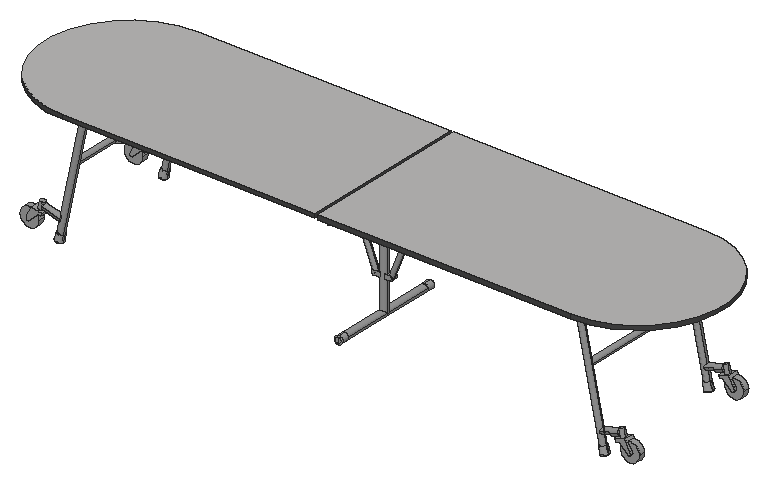
Revit family "23M El. 12 Long x 27 High", category Furniture, Revit 2016
Family settings
  OmniClass Number = 23.40.20.00
  OmniClass Title = General Furniture and Specialties
  Work Plane-Based = No
  Always vertical = Yes
  Cut with Voids When Loaded = No
  Shared = No
  Room Calculation Point = No
Parameters (values of type "23M15273612EL")
  Width = 3' - 0"
  Top [instance] = Palmer Hamilton Lt Gry
  Open [instance] = yes
  Model = "23M15273612EL"
  Length = 6' - 0"
  Frame [instance] = Palmer Hamilton - Frame
  Edge [instance] = Palmer Hamilton - Edge
  Closed [instance] = not(Open)  # no
Reference planes (in)
  plane 1 "Center Front/Back": y = 0
  plane 2: z = 0
  plane 3 "Center Left/Right": x = 0
  plane 4: x = -63.24988
Forms (in)
  Extrusion 1, solid, visible <- "Open"
    sketch origin (0, 0, 0) x (1, 0, 0) y (0, 1, 0)
      loop
        arc (-54, 18) -> (-72, 0) -> (-54, -18) r 18
        line (-54, -18) -> (-0.375, -18) -> (-0.375, 18) -> (-54, 18)
    from 26.41783 to 27.23283
  Extrusion 2, solid, material "Palmer Hamilton - Frame" <- "Frame", visible <- "Open"
    sketch origin (0, 0, 0) x (1, 0, 0) y (0, 1, 0)
      loop
        line (-1, 14.5647) -> (-56.00047, 14.5647) -> (-56.00047, 14.4397) -> (-1, 14.4397) -> (-1, 14.5647)
      loop
        line (-1, -14.5647) -> (-1, -14.4397) -> (-56.00047, -14.4397) -> (-56.00047, -14.5647) -> (-1, -14.5647)
      loop
        line (-1, -2.9406) -> (-1, -2.8156) -> (-11.25, -2.8156) -> (-11.25, -2.9406) -> (-1, -2.9406)
      loop
        line (-11.25, 2.6994) -> (-11.25, 2.5744) -> (-1, 2.5744) -> (-1, 2.6994) -> (-11.25, 2.6994)
    from 24.66783 to 26.41783
  Extrusion 3, solid, material "Palmer Hamilton - Frame" <- "Frame", visible <- "Open"
    sketch origin (0, 0, 0) x (1, 0, 0) y (0, 0, 1)
      loop
        line (-1, 25.71687) -> (-1, 26.41783) -> (-2.2141, 26.41783) -> (-2.2141, 24.66783) -> (-1.68301, 24.66783) -> (-0.3125, 23.87657)
        arc (-0.3125, 23.87657) -> (0.54127, 24.10533) -> (0.3125, 24.9591) r 0.625
        line (0.3125, 24.9591) -> (-1, 25.71687)
    from 14.5647 to 14.6547
  Extrusion 4, solid, material "Palmer Hamilton - Frame" <- "Frame", visible <- "Open"
    sketch origin (0, 0, 0) x (1, 0, 0) y (0, 0, 1)
      loop
        line (-1, 25.71687) -> (-1, 26.41783) -> (-2.2141, 26.41783) -> (-2.2141, 24.66783) -> (-1.68301, 24.66783) -> (-0.3125, 23.87657)
        arc (-0.3125, 23.87657) -> (0.54127, 24.10533) -> (0.3125, 24.9591) r 0.625
        line (0.3125, 24.9591) -> (-1, 25.71687)
    from -14.4397 to -14.2345
  Extrusion 5, solid, material "Palmer Hamilton - Frame" <- "Frame", visible <- "Open"
    sketch origin (-21.06705, -1.84334, -7.25839) x (0.97817, 0, -0.207805) y (0, 1, 0)
      loop
        circle (-37.61218, -11.99504) r 0.625
    from 0 to 25.54283
  Extrusion 6, solid, material "Palmer Hamilton - Frame" <- "Frame", visible <- "Open"
    sketch origin (-26.2457, -1.84334, -7.59113) x (0.96853, 0, -0.248899) y (0, 1, 0)
      loop
        circle (-37.61218, -11.99504) r 0.5
    from 3.24005 to 4.80312
  Extrusion 7, solid, material "Palmer Hamilton - Frame" <- "Frame", visible <- "Open"
    sketch origin (-18.79097, -1.84334, -8.39066) x (0, 1, 0) y (0.248899, 0, 0.96853)
      loop
        circle (-11.99504, 2.93123) r 0.625
    from -44.60154 to -40.56576
  Extrusion 8, solid, material "Palmer Hamilton - Steel", visible <- "Open"
    sketch origin (-12.05025, 0, 0) x (1, 0, 0) y (0, 0, 1)
      loop
        line (-52.03289, 3.19045) -> (-52.13109, 2.60323)
        arc (-52.13109, 2.60323) -> (-52.09644, 2.45601) -> (-51.96719, 2.37748) r 0.19565
        line (-51.96719, 2.37748) -> (-51.66391, 2.3319) -> (-49.7575, 4.11073) -> (-49.03037, 4.04579) -> (-48.86921, 4.64752) -> (-50.88816, 5.18826) -> (-52.03289, 3.19045)
    from 12.75797 to 14.81873
  Extrusion 9, solid, material "Palmer Hamilton - Caster", visible <- "Open"
    sketch origin (-12.05025, 0, 0) x (1, 0, 0) y (0, 0, 1)
      loop
        circle (-51.73769, 2.82768) r 2
    from 13.19373 to 14.44373
  Revolve 10, solid, material "Palmer Hamilton - Caster", visible <- "Open"
    sketch origin (-12.05025, -13.81873, 0) x (1, 0, 0) y (0, 0, 1)
      loop
        line (-45.5482, 1.78014) -> (-46.23778, 1.92672) -> (-46.75081, 0.51718)
        arc (-46.75081, 0.51718) -> (-46.74816, 0.39542) -> (-46.66395, 0.30744) r 0.16803
        line (-46.66395, 0.30744) -> (-45.89593, 0.14419) -> (-45.5482, 1.78014)
      axis (-45.5482, 1.78014) -> (-45.89593, 0.14419)
    angle from 0 to 360
  Extrusion 11, solid, material "Palmer Hamilton - Frame" <- "Frame", visible <- "Open"
    sketch origin (-21.06705, 1.84334, -7.25839) x (0.97817, 0, -0.207805) y (0, 1, 0)
      loop
        circle (-37.61218, 11.99504) r 0.625
    from 0 to 25.54283
  Extrusion 12, solid, material "Palmer Hamilton - Frame" <- "Frame", visible <- "Open"
    sketch origin (-26.2457, 1.84334, -7.59113) x (0.96853, 0, -0.248899) y (0, 1, 0)
      loop
        circle (-37.61218, 11.99504) r 0.5
    from 3.24005 to 4.80312
  Extrusion 13, solid, material "Palmer Hamilton - Frame" <- "Frame", visible <- "Open"
    sketch origin (-18.79097, 1.84334, -8.39066) x (0, -1, 0) y (-0.248899, 0, -0.96853)
      loop
        circle (-11.99504, -2.93123) r 0.625
    from -44.60154 to -40.56576
  Extrusion 14, solid, material "Palmer Hamilton - Steel", visible <- "Open"
    sketch origin (-12.05025, 0, 0) x (1, 0, 0) y (0, 0, -1)
      loop
        line (-52.03289, -3.19045) -> (-50.88816, -5.18826) -> (-48.86921, -4.64752) -> (-49.03037, -4.04579) -> (-49.7575, -4.11073) -> (-51.66391, -2.3319) -> (-51.96719, -2.37748)
        arc (-51.96719, -2.37748) -> (-52.09644, -2.45601) -> (-52.13109, -2.60323) r 0.19565
        line (-52.13109, -2.60323) -> (-52.03289, -3.19045)
    from 12.75797 to 14.81873
  Extrusion 15, solid, material "Palmer Hamilton - Caster", visible <- "Open"
    sketch origin (-12.05025, 0, 0) x (1, 0, 0) y (0, 0, -1)
      loop
        circle (-51.73769, -2.82768) r 2
    from 13.19373 to 14.44373
  Revolve 16, solid, material "Palmer Hamilton - Caster", visible <- "Open"
    sketch origin (-12.05025, 13.81873, 0) x (1, 0, 0) y (0, 0, -1)
      loop
        line (-45.5482, -1.78014) -> (-45.89593, -0.14419) -> (-46.66395, -0.30744)
        arc (-46.66395, -0.30744) -> (-46.74816, -0.39542) -> (-46.75081, -0.51718) r 0.16803
        line (-46.75081, -0.51718) -> (-46.23778, -1.92672) -> (-45.5482, -1.78014)
      axis (-45.5482, -1.78014) -> (-45.89593, -0.14419)
    angle from 0 to 360
  Extrusion 17, solid, material "Palmer Hamilton - Frame" <- "Frame", visible <- "Open"
    sketch origin (-12.05025, 0, 0) x (1, 0, 0) y (0, 0, 1)
      loop
        circle (-42.48052, 16.22033) r 0.625
    from -13.80887 to 13.79175
  Extrusion 18, solid, material "Palmer Hamilton - Frame" <- "Frame", visible <- "Open"
    sketch origin (0, 0, -0.05827) x (1, 0, 0) y (0, 0, 1)
      loop
        circle (0, 0.81533) r 0.75
    from -10.64625 to 10.58375
  Revolve 19, solid, material "Palmer Hamilton - Caster", visible <- "Open"
    sketch origin (0, 0, 0) x (0, 1, 0) y (0, 0, 1)
      loop
        arc (-12.1243, 1.60492) -> (-12.21555, 1.56995) -> (-12.25375, 1.48) r 0.125
        line (-12.25375, 1.48) -> (-12.25375, 0.77853) -> (-10.58375, 0.77853) -> (-10.58375, 1.55) -> (-12.1243, 1.60492)
      axis (-10.58375, 0.77853) -> (-12.25375, 0.77853)
    angle from 0 to 360
  Revolve 20, solid, material "Palmer Hamilton - Caster", visible <- "Open"
    sketch origin (0, 0, 0) x (0, -1, 0) y (0, 0, 1)
      loop
        arc (-12.1243, 1.60492) -> (-12.21555, 1.56995) -> (-12.25375, 1.48) r 0.125
        line (-12.25375, 1.48) -> (-12.25375, 0.77853) -> (-10.58375, 0.77853) -> (-10.58375, 1.55) -> (-12.1243, 1.60492)
      axis (-10.58375, 0.77853) -> (-12.25375, 0.77853)
    angle from 0 to 360
  Extrusion 21, solid, material "Palmer Hamilton - Frame" <- "Frame", visible <- "Open"
    sketch origin (0, 0, 0) x (1, 0, 0) y (0, 1, 0)
      loop
        circle (0, 0) r 0.75
    from 0.78805 to 24.66783
  Extrusion 22, solid, material "Palmer Hamilton - Frame" <- "Frame", visible <- "Open"
    sketch origin (8.36945, 0, 4.71942) x (0.931065, 0, 0.364854) y (0, 1, 0)
      loop
        circle (-8.10904, 0) r 0.5
    from 6.40638 to 25.54283
  Extrusion 23, solid, material "Palmer Hamilton - Frame" <- "Frame", visible <- "Open"
    sketch origin (0, 0, 0) x (1, 0, 0) y (0, 0, 1)
      loop
        arc (-1.632, 8.5165) -> (-2.132, 8.0165) -> (-1.632, 7.5165) r 0.5
        line (-1.632, 7.5165) -> (1.632, 7.5165)
        arc (1.632, 7.5165) -> (2.132, 8.0165) -> (1.632, 8.5165) r 0.5
        line (1.632, 8.5165) -> (-1.632, 8.5165)
    from -0.69625 to 0.63375
  Extrusion 24, solid, material "Palmer Hamilton - Frame" <- "Frame", visible <- "Open"
    sketch origin (-12.05025, 0, 0) x (1, 0, 0) y (0, 0, 1)
      loop
        arc (-40.07379, 16.44822) -> (-39.75284, 17.07829) -> (-40.38291, 17.39924) r 0.5
        line (-40.38291, 17.39924) -> (-42.23788, 16.7963) -> (-41.9787, 15.82905) -> (-40.07379, 16.44822)
    from 2.89343 to 4.17468
  Sweep 25, solid, material "Palmer Hamilton - Frame" <- "Frame", visible <- "Open"
    path origin (0, -3.5, 0) x (1, 0, 0) y (0, 0, 1)
      loop
        line (-52.73109, 16.80561) -> (-30.21129, 22.58672)
        arc (-30.21129, 22.58672) -> (-29.96811, 22.63851) -> (-29.72147, 22.66999) r 3
        line (-29.72147, 22.66999) -> (-1.56621, 25.08257)
    profile origin (-41.47119, -3.5, 19.69617) x (-0.24865, 0, 0.968593) y (0, -1, 0)
      loop
        circle (0.00202, 0) r 0.5
  Extrusion 26, solid, visible <- "Closed"
    sketch origin (23.74016, 0, 72.04902) x (0.235142, 0, 0.971961) y (0, 1, 0)
      loop
        arc (-57.85714, 18) -> (-75.85714, 0) -> (-57.85714, -18) r 18
        line (-57.85714, -18) -> (1.76786, -18) -> (1.76786, 18) -> (-57.85714, 18)
    from 26.41783 to 27.23283
  Extrusion 27, solid, material "Palmer Hamilton - Frame" <- "Frame", visible <- "Closed"
    sketch origin (23.74016, 0, 72.04902) x (0.235142, 0, 0.971961) y (0, 1, 0)
      loop
        line (-1, 14.5647) -> (-56.00047, 14.5647) -> (-56.00047, 14.4397) -> (-1, 14.4397) -> (-1, 14.5647)
      loop
        line (-1, -14.5647) -> (-1, -14.4397) -> (-56.00047, -14.4397) -> (-56.00047, -14.5647) -> (-1, -14.5647)
      loop
        line (-1, -2.9406) -> (-1, -2.8156) -> (-11.25, -2.8156) -> (-11.25, -2.9406) -> (-1, -2.9406)
      loop
        line (-11.25, 2.6994) -> (-11.25, 2.5744) -> (-1, 2.5744) -> (-1, 2.6994) -> (-11.25, 2.6994)
    from 24.66783 to 26.41783
  Extrusion 28, solid, material "Palmer Hamilton - Frame" <- "Frame", visible <- "Closed"
    sketch origin (23.74016, 0, 72.04902) x (0.235142, 0, 0.971961) y (-0.971961, 0, 0.235142)
      loop
        line (-1, 25.71687) -> (-1, 26.41783) -> (-2.2141, 26.41783) -> (-2.2141, 24.66783) -> (-1.68301, 24.66783) -> (-0.3125, 23.87657)
        arc (-0.3125, 23.87657) -> (0.54127, 24.10533) -> (0.3125, 24.9591) r 0.625
        line (0.3125, 24.9591) -> (-1, 25.71687)
    from 14.5647 to 14.6547
  Extrusion 29, solid, material "Palmer Hamilton - Frame" <- "Frame", visible <- "Closed"
    sketch origin (23.74016, 0, 72.04902) x (0.235142, 0, 0.971961) y (-0.971961, 0, 0.235142)
      loop
        line (-1, 25.71687) -> (-1, 26.41783) -> (-2.2141, 26.41783) -> (-2.2141, 24.66783) -> (-1.68301, 24.66783) -> (-0.3125, 23.87657)
        arc (-0.3125, 23.87657) -> (0.54127, 24.10533) -> (0.3125, 24.9591) r 0.625
        line (0.3125, 24.9591) -> (-1, 25.71687)
    from -14.4397 to -14.2345
  Extrusion 30, solid, material "Palmer Hamilton - Frame" <- "Frame", visible <- "Closed"
    sketch origin (0, 0, 41.83663) x (1, 0, 0) y (0, 0, 1)
      loop
        circle (0, 0.81533) r 0.75
    from -10.64625 to 10.58375
  Revolve 31, solid, material "Palmer Hamilton - Caster", visible <- "Closed"
    sketch origin (0, 0, 41.8949) x (0, 1, 0) y (0, 0, 1)
      loop
        arc (-12.1243, 1.60492) -> (-12.21555, 1.56995) -> (-12.25375, 1.48) r 0.125
        line (-12.25375, 1.48) -> (-12.25375, 0.77853) -> (-10.58375, 0.77853) -> (-10.58375, 1.55) -> (-12.1243, 1.60492)
      axis (-10.58375, 0.77853) -> (-12.25375, 0.77853)
    angle from 0 to 360
  Revolve 32, solid, material "Palmer Hamilton - Caster", visible <- "Closed"
    sketch origin (0, 0, 41.8949) x (0, -1, 0) y (0, 0, 1)
      loop
        arc (-12.1243, 1.60492) -> (-12.21555, 1.56995) -> (-12.25375, 1.48) r 0.125
        line (-12.25375, 1.48) -> (-12.25375, 0.77853) -> (-10.58375, 0.77853) -> (-10.58375, 1.55) -> (-12.1243, 1.60492)
      axis (-10.58375, 0.77853) -> (-12.25375, 0.77853)
    angle from 0 to 360
  Extrusion 33, solid, material "Palmer Hamilton - Frame" <- "Frame", visible <- "Closed"
    sketch origin (7.07414, 0, 44.01741) x (0.995262, 0, 0.097226) y (0, 1, 0)
      loop
        circle (-8.10904, 0) r 0.5
    from 6.40638 to 25.54283
  Extrusion 34, solid, material "Palmer Hamilton - Frame" <- "Frame", visible <- "Closed"
    sketch origin (0, 0, 41.8949) x (1, 0, 0) y (0, 0, 1)
      loop
        arc (-1.632, 8.5165) -> (-2.132, 8.0165) -> (-1.632, 7.5165) r 0.5
        line (-1.632, 7.5165) -> (1.632, 7.5165)
        arc (1.632, 7.5165) -> (2.132, 8.0165) -> (1.632, 8.5165) r 0.5
        line (1.632, 8.5165) -> (-1.632, 8.5165)
    from -0.69625 to 0.63375
  Extrusion 35, solid, material "Palmer Hamilton - Frame" <- "Frame", visible <- "Closed"
    sketch origin (0, 0, 0) x (-1, 0, 0) y (0, -1, 0)
      loop
        circle (0, 0) r 0.75
    from 42.76744 to 78.06315
  Extrusion 36, solid, material "Palmer Hamilton - Frame" <- "Frame", visible <- "Closed"
    sketch origin (26.38289, -1.84334, 5.04325) x (0.995192, 0, 0.097945) y (0, 1, 0)
      loop
        circle (-37.61218, -11.99504) r 0.625
    from 0 to 25.54283
  Extrusion 37, solid, material "Palmer Hamilton - Frame" <- "Frame", visible <- "Closed"
    sketch origin (21.54773, -1.84334, 3.15899) x (0.998439, 0, 0.055861) y (0, 1, 0)
      loop
        circle (-37.61218, -11.99504) r 0.5
    from 3.24005 to 4.80312
  Extrusion 38, solid, material "Palmer Hamilton - Frame" <- "Frame", visible <- "Closed"
    sketch origin (28.89489, -1.84334, 4.65285) x (0, 1, 0) y (-0.055861, 0, 0.998439)
      loop
        circle (-11.99504, 2.93123) r 0.625
    from -44.60154 to -40.56576
  Extrusion 39, solid, material "Palmer Hamilton - Steel", visible <- "Closed"
    sketch origin (32.78044, 0, 14.68993) x (0.953114, 0, 0.302613) y (-0.302613, 0, 0.953114)
      loop
        line (-52.03289, 3.19045) -> (-52.13109, 2.60323)
        arc (-52.13109, 2.60323) -> (-52.09644, 2.45601) -> (-51.96719, 2.37748) r 0.19565
        line (-51.96719, 2.37748) -> (-51.66391, 2.3319) -> (-49.7575, 4.11073) -> (-49.03037, 4.04579) -> (-48.86921, 4.64752) -> (-50.88816, 5.18826) -> (-52.03289, 3.19045)
    from 12.75797 to 14.81873
  Extrusion 40, solid, material "Palmer Hamilton - Caster", visible <- "Closed"
    sketch origin (32.78044, 0, 14.68993) x (0.953114, 0, 0.302613) y (-0.302613, 0, 0.953114)
      loop
        circle (-51.73769, 2.82768) r 2
    from 13.19373 to 14.44373
  Revolve 41, solid, material "Palmer Hamilton - Caster", visible <- "Closed"
    sketch origin (32.78044, -13.81873, 14.68993) x (0.953114, 0, 0.302613) y (-0.302613, 0, 0.953114)
      loop
        line (-45.5482, 1.78014) -> (-46.23778, 1.92672) -> (-46.75081, 0.51718)
        arc (-46.75081, 0.51718) -> (-46.74816, 0.39542) -> (-46.66395, 0.30744) r 0.16803
        line (-46.66395, 0.30744) -> (-45.89593, 0.14419) -> (-45.5482, 1.78014)
      axis (-45.5482, 1.78014) -> (-45.89593, 0.14419)
    angle from 0 to 360
  Extrusion 42, solid, material "Palmer Hamilton - Frame" <- "Frame", visible <- "Closed"
    sketch origin (26.38289, 1.84334, 5.04325) x (0.995192, 0, 0.097945) y (0, 1, 0)
      loop
        circle (-37.61218, 11.99504) r 0.625
    from 0 to 25.54283
  Extrusion 43, solid, material "Palmer Hamilton - Frame" <- "Frame", visible <- "Closed"
    sketch origin (21.54773, 1.84334, 3.15899) x (0.998439, 0, 0.055861) y (0, 1, 0)
      loop
        circle (-37.61218, 11.99504) r 0.5
    from 3.24005 to 4.80312
  Extrusion 44, solid, material "Palmer Hamilton - Frame" <- "Frame", visible <- "Closed"
    sketch origin (28.89489, 1.84334, 4.65285) x (0, -1, 0) y (0.055861, 0, -0.998439)
      loop
        circle (-11.99504, -2.93123) r 0.625
    from -44.60154 to -40.56576
  Extrusion 45, solid, material "Palmer Hamilton - Steel", visible <- "Closed"
    sketch origin (32.78044, 0, 14.68993) x (0.953114, 0, 0.302613) y (0.302613, 0, -0.953114)
      loop
        line (-52.03289, -3.19045) -> (-50.88816, -5.18826) -> (-48.86921, -4.64752) -> (-49.03037, -4.04579) -> (-49.7575, -4.11073) -> (-51.66391, -2.3319) -> (-51.96719, -2.37748)
        arc (-51.96719, -2.37748) -> (-52.09644, -2.45601) -> (-52.13109, -2.60323) r 0.19565
        line (-52.13109, -2.60323) -> (-52.03289, -3.19045)
    from 12.75797 to 14.81873
  Extrusion 46, solid, material "Palmer Hamilton - Caster", visible <- "Closed"
    sketch origin (32.78044, 0, 14.68993) x (0.953114, 0, 0.302613) y (0.302613, 0, -0.953114)
      loop
        circle (-51.73769, -2.82768) r 2
    from 13.19373 to 14.44373
  Revolve 47, solid, material "Palmer Hamilton - Caster", visible <- "Closed"
    sketch origin (32.78044, 13.81873, 14.68993) x (0.953114, 0, 0.302613) y (0.302613, 0, -0.953114)
      loop
        line (-45.5482, -1.78014) -> (-45.89593, -0.14419) -> (-46.66395, -0.30744)
        arc (-46.66395, -0.30744) -> (-46.74816, -0.39542) -> (-46.75081, -0.51718) r 0.16803
        line (-46.75081, -0.51718) -> (-46.23778, -1.92672) -> (-45.5482, -1.78014)
      axis (-45.5482, -1.78014) -> (-45.89593, -0.14419)
    angle from 0 to 360
  Extrusion 48, solid, material "Palmer Hamilton - Frame" <- "Frame", visible <- "Closed"
    sketch origin (32.78044, 0, 14.68993) x (0.953114, 0, 0.302613) y (-0.302613, 0, 0.953114)
      loop
        circle (-42.48052, 16.22033) r 0.625
    from -13.80887 to 13.79175
  Extrusion 49, solid, material "Palmer Hamilton - Frame" <- "Frame", visible <- "Closed"
    sketch origin (32.78044, 0, 14.68993) x (0.953114, 0, 0.302613) y (-0.302613, 0, 0.953114)
      loop
        arc (-40.07379, 16.44822) -> (-39.75284, 17.07829) -> (-40.38291, 17.39924) r 0.5
        line (-40.38291, 17.39924) -> (-42.23788, 16.7963) -> (-41.9787, 15.82905) -> (-40.07379, 16.44822)
    from 2.89343 to 4.17468
  Sweep 50, solid, material "Palmer Hamilton - Frame" <- "Frame", visible <- "Closed"
    path origin (0, 0, 0) x (1, 0, 0) y (0, 0, 1)
      loop
        line (-10.67053, 18.45369) -> (-7.77594, 41.44358)
        arc (-7.77594, 41.44358) -> (-7.73468, 41.68877) -> (-7.67326, 41.9297) r 3
        line (-7.67326, 41.9297) -> (2.08346, 74.49972)
    profile origin (-9.22324, 0, 29.94863) x (-0.992167, 0, 0.124921) y (0, -1, 0)
      loop
        circle (0, 3.53405) r 0.5
  Extrusion 51, solid, visible <- "Open"
    sketch origin (0, 0, 0) x (-1, 0, 0) y (0, -1, 0)
      loop
        arc (-54, 18) -> (-72, 0) -> (-54, -18) r 18
        line (-54, -18) -> (-0.375, -18) -> (-0.375, 18) -> (-54, 18)
    from 26.41783 to 27.23283
  Extrusion 52, solid, material "Palmer Hamilton - Frame" <- "Frame", visible <- "Open"
    sketch origin (0, 0, 0) x (-1, 0, 0) y (0, -1, 0)
      loop
        line (-1, 14.5647) -> (-56.00047, 14.5647) -> (-56.00047, 14.4397) -> (-1, 14.4397) -> (-1, 14.5647)
      loop
        line (-1, -14.5647) -> (-1, -14.4397) -> (-56.00047, -14.4397) -> (-56.00047, -14.5647) -> (-1, -14.5647)
      loop
        line (-1, -2.9406) -> (-1, -2.8156) -> (-11.25, -2.8156) -> (-11.25, -2.9406) -> (-1, -2.9406)
      loop
        line (-11.25, 2.6994) -> (-11.25, 2.5744) -> (-1, 2.5744) -> (-1, 2.6994) -> (-11.25, 2.6994)
    from 24.66783 to 26.41783
  Extrusion 53, solid, material "Palmer Hamilton - Frame" <- "Frame", visible <- "Open"
    sketch origin (0, 0, 0) x (-1, 0, 0) y (0, 0, 1)
      loop
        line (-1, 25.71687) -> (-1, 26.41783) -> (-2.2141, 26.41783) -> (-2.2141, 24.66783) -> (-1.68301, 24.66783) -> (-0.3125, 23.87657)
        arc (-0.3125, 23.87657) -> (0.54127, 24.10533) -> (0.3125, 24.9591) r 0.625
        line (0.3125, 24.9591) -> (-1, 25.71687)
    from 14.5647 to 14.6547
  Extrusion 54, solid, material "Palmer Hamilton - Frame" <- "Frame", visible <- "Open"
    sketch origin (0, 0, 0) x (-1, 0, 0) y (0, 0, 1)
      loop
        line (-1, 25.71687) -> (-1, 26.41783) -> (-2.2141, 26.41783) -> (-2.2141, 24.66783) -> (-1.68301, 24.66783) -> (-0.3125, 23.87657)
        arc (-0.3125, 23.87657) -> (0.54127, 24.10533) -> (0.3125, 24.9591) r 0.625
        line (0.3125, 24.9591) -> (-1, 25.71687)
    from -14.4397 to -14.2345
  Extrusion 55, solid, material "Palmer Hamilton - Frame" <- "Frame", visible <- "Open"
    sketch origin (21.06705, 1.84334, -7.25839) x (-0.97817, 0, -0.207805) y (0, -1, 0)
      loop
        circle (-37.61218, -11.99504) r 0.625
    from 0 to 25.54283
  Extrusion 56, solid, material "Palmer Hamilton - Frame" <- "Frame", visible <- "Open"
    sketch origin (26.2457, 1.84334, -7.59113) x (-0.96853, 0, -0.248899) y (0, -1, 0)
      loop
        circle (-37.61218, -11.99504) r 0.5
    from 3.24005 to 4.80312
  Extrusion 57, solid, material "Palmer Hamilton - Frame" <- "Frame", visible <- "Open"
    sketch origin (18.79097, 1.84334, -8.39066) x (0, -1, 0) y (-0.248899, 0, 0.96853)
      loop
        circle (-11.99504, 2.93123) r 0.625
    from -44.60154 to -40.56576
  Extrusion 58, solid, material "Palmer Hamilton - Steel", visible <- "Open"
    sketch origin (12.05025, 0, 0) x (-1, 0, 0) y (0, 0, 1)
      loop
        line (-52.03289, 3.19045) -> (-52.13109, 2.60323)
        arc (-52.13109, 2.60323) -> (-52.09644, 2.45601) -> (-51.96719, 2.37748) r 0.19565
        line (-51.96719, 2.37748) -> (-51.66391, 2.3319) -> (-49.7575, 4.11073) -> (-49.03037, 4.04579) -> (-48.86921, 4.64752) -> (-50.88816, 5.18826) -> (-52.03289, 3.19045)
    from 12.75797 to 14.81873
  Extrusion 59, solid, material "Palmer Hamilton - Caster", visible <- "Open"
    sketch origin (12.05025, 0, 0) x (-1, 0, 0) y (0, 0, 1)
      loop
        circle (-51.73769, 2.82768) r 2
    from 13.19373 to 14.44373
  Revolve 60, solid, material "Palmer Hamilton - Caster", visible <- "Open"
    sketch origin (12.05025, 13.81873, 0) x (-1, 0, 0) y (0, 0, 1)
      loop
        line (-45.5482, 1.78014) -> (-46.23778, 1.92672) -> (-46.75081, 0.51718)
        arc (-46.75081, 0.51718) -> (-46.74816, 0.39542) -> (-46.66395, 0.30744) r 0.16803
        line (-46.66395, 0.30744) -> (-45.89593, 0.14419) -> (-45.5482, 1.78014)
      axis (-45.5482, 1.78014) -> (-45.89593, 0.14419)
    angle from 0 to 360
  Extrusion 61, solid, material "Palmer Hamilton - Frame" <- "Frame", visible <- "Open"
    sketch origin (21.06705, -1.84334, -7.25839) x (-0.97817, 0, -0.207805) y (0, -1, 0)
      loop
        circle (-37.61218, 11.99504) r 0.625
    from 0 to 25.54283
  Extrusion 62, solid, material "Palmer Hamilton - Frame" <- "Frame", visible <- "Open"
    sketch origin (26.2457, -1.84334, -7.59113) x (-0.96853, 0, -0.248899) y (0, -1, 0)
      loop
        circle (-37.61218, 11.99504) r 0.5
    from 3.24005 to 4.80312
  Extrusion 63, solid, material "Palmer Hamilton - Frame" <- "Frame", visible <- "Open"
    sketch origin (18.79097, -1.84334, -8.39066) x (0, 1, 0) y (0.248899, 0, -0.96853)
      loop
        circle (-11.99504, -2.93123) r 0.625
    from -44.60154 to -40.56576
  Extrusion 64, solid, material "Palmer Hamilton - Steel", visible <- "Open"
    sketch origin (12.05025, 0, 0) x (-1, 0, 0) y (0, 0, -1)
      loop
        line (-52.03289, -3.19045) -> (-50.88816, -5.18826) -> (-48.86921, -4.64752) -> (-49.03037, -4.04579) -> (-49.7575, -4.11073) -> (-51.66391, -2.3319) -> (-51.96719, -2.37748)
        arc (-51.96719, -2.37748) -> (-52.09644, -2.45601) -> (-52.13109, -2.60323) r 0.19565
        line (-52.13109, -2.60323) -> (-52.03289, -3.19045)
    from 12.75797 to 14.81873
  Extrusion 65, solid, material "Palmer Hamilton - Caster", visible <- "Open"
    sketch origin (12.05025, 0, 0) x (-1, 0, 0) y (0, 0, -1)
      loop
        circle (-51.73769, -2.82768) r 2
    from 13.19373 to 14.44373
  Revolve 66, solid, material "Palmer Hamilton - Caster", visible <- "Open"
    sketch origin (12.05025, -13.81873, 0) x (-1, 0, 0) y (0, 0, -1)
      loop
        line (-45.5482, -1.78014) -> (-45.89593, -0.14419) -> (-46.66395, -0.30744)
        arc (-46.66395, -0.30744) -> (-46.74816, -0.39542) -> (-46.75081, -0.51718) r 0.16803
        line (-46.75081, -0.51718) -> (-46.23778, -1.92672) -> (-45.5482, -1.78014)
      axis (-45.5482, -1.78014) -> (-45.89593, -0.14419)
    angle from 0 to 360
  Extrusion 67, solid, material "Palmer Hamilton - Frame" <- "Frame", visible <- "Open"
    sketch origin (12.05025, 0, 0) x (-1, 0, 0) y (0, 0, 1)
      loop
        circle (-42.48052, 16.22033) r 0.625
    from -13.80887 to 13.79175
  Extrusion 68, solid, material "Palmer Hamilton - Frame" <- "Frame", visible <- "Open"
    sketch origin (-8.36945, 0, 4.71942) x (-0.931065, 0, 0.364854) y (0, -1, 0)
      loop
        circle (-8.10904, 0) r 0.5
    from 6.40638 to 25.54283
  Extrusion 69, solid, material "Palmer Hamilton - Frame" <- "Frame", visible <- "Open"
    sketch origin (12.05025, 0, 0) x (-1, 0, 0) y (0, 0, 1)
      loop
        arc (-40.07379, 16.44822) -> (-39.75284, 17.07829) -> (-40.38291, 17.39924) r 0.5
        line (-40.38291, 17.39924) -> (-42.23788, 16.7963) -> (-41.9787, 15.82905) -> (-40.07379, 16.44822)
    from 2.89343 to 4.17468
  Sweep 70, solid, material "Palmer Hamilton - Frame" <- "Frame", visible <- "Open"
    path origin (0, 3.5, 0) x (-1, 0, 0) y (0, 0, 1)
      loop
        line (-52.73109, 16.80561) -> (-30.21129, 22.58672)
        arc (-30.21129, 22.58672) -> (-29.96811, 22.63851) -> (-29.72147, 22.66999) r 3
        line (-29.72147, 22.66999) -> (-1.56621, 25.08257)
    profile origin (41.47119, 3.5, 19.69617) x (0.24865, 0, 0.968593) y (0, 1, 0)
      loop
        circle (0.00202, 0) r 0.5
  Extrusion 71, solid, visible <- "Closed"
    sketch origin (-23.74016, 0, 72.04902) x (-0.235142, 0, 0.971961) y (0, -1, 0)
      loop
        arc (-57.85714, 18) -> (-75.85714, 0) -> (-57.85714, -18) r 18
        line (-57.85714, -18) -> (1.76786, -18) -> (1.76786, 18) -> (-57.85714, 18)
    from 26.41783 to 27.23283
  Extrusion 72, solid, material "Palmer Hamilton - Frame" <- "Frame", visible <- "Closed"
    sketch origin (-23.74016, 0, 72.04902) x (-0.235142, 0, 0.971961) y (0, -1, 0)
      loop
        line (-1, 14.5647) -> (-56.00047, 14.5647) -> (-56.00047, 14.4397) -> (-1, 14.4397) -> (-1, 14.5647)
      loop
        line (-1, -14.5647) -> (-1, -14.4397) -> (-56.00047, -14.4397) -> (-56.00047, -14.5647) -> (-1, -14.5647)
      loop
        line (-1, -2.9406) -> (-1, -2.8156) -> (-11.25, -2.8156) -> (-11.25, -2.9406) -> (-1, -2.9406)
      loop
        line (-11.25, 2.6994) -> (-11.25, 2.5744) -> (-1, 2.5744) -> (-1, 2.6994) -> (-11.25, 2.6994)
    from 24.66783 to 26.41783
  Extrusion 73, solid, material "Palmer Hamilton - Frame" <- "Frame", visible <- "Closed"
    sketch origin (-23.74016, 0, 72.04902) x (-0.235142, 0, 0.971961) y (0.971961, 0, 0.235142)
      loop
        line (-1, 25.71687) -> (-1, 26.41783) -> (-2.2141, 26.41783) -> (-2.2141, 24.66783) -> (-1.68301, 24.66783) -> (-0.3125, 23.87657)
        arc (-0.3125, 23.87657) -> (0.54127, 24.10533) -> (0.3125, 24.9591) r 0.625
        line (0.3125, 24.9591) -> (-1, 25.71687)
    from 14.5647 to 14.6547
  Extrusion 74, solid, material "Palmer Hamilton - Frame" <- "Frame", visible <- "Closed"
    sketch origin (-23.74016, 0, 72.04902) x (-0.235142, 0, 0.971961) y (0.971961, 0, 0.235142)
      loop
        line (-1, 25.71687) -> (-1, 26.41783) -> (-2.2141, 26.41783) -> (-2.2141, 24.66783) -> (-1.68301, 24.66783) -> (-0.3125, 23.87657)
        arc (-0.3125, 23.87657) -> (0.54127, 24.10533) -> (0.3125, 24.9591) r 0.625
        line (0.3125, 24.9591) -> (-1, 25.71687)
    from -14.4397 to -14.2345
  Extrusion 75, solid, material "Palmer Hamilton - Frame" <- "Frame", visible <- "Closed"
    sketch origin (-7.07414, 0, 44.01741) x (-0.995262, 0, 0.097226) y (0, -1, 0)
      loop
        circle (-8.10904, 0) r 0.5
    from 6.40638 to 25.54283
  Extrusion 76, solid, material "Palmer Hamilton - Frame" <- "Frame", visible <- "Closed"
    sketch origin (-26.38289, 1.84334, 5.04325) x (-0.995192, 0, 0.097945) y (0, -1, 0)
      loop
        circle (-37.61218, -11.99504) r 0.625
    from 0 to 25.54283
  Extrusion 77, solid, material "Palmer Hamilton - Frame" <- "Frame", visible <- "Closed"
    sketch origin (-21.54773, 1.84334, 3.15899) x (-0.998439, 0, 0.055861) y (0, -1, 0)
      loop
        circle (-37.61218, -11.99504) r 0.5
    from 3.24005 to 4.80312
  Extrusion 78, solid, material "Palmer Hamilton - Frame" <- "Frame", visible <- "Closed"
    sketch origin (-28.89489, 1.84334, 4.65285) x (0, -1, 0) y (0.055861, 0, 0.998439)
      loop
        circle (-11.99504, 2.93123) r 0.625
    from -44.60154 to -40.56576
  Extrusion 79, solid, material "Palmer Hamilton - Steel", visible <- "Closed"
    sketch origin (-32.78044, 0, 14.68993) x (-0.953114, 0, 0.302613) y (0.302613, 0, 0.953114)
      loop
        line (-52.03289, 3.19045) -> (-52.13109, 2.60323)
        arc (-52.13109, 2.60323) -> (-52.09644, 2.45601) -> (-51.96719, 2.37748) r 0.19565
        line (-51.96719, 2.37748) -> (-51.66391, 2.3319) -> (-49.7575, 4.11073) -> (-49.03037, 4.04579) -> (-48.86921, 4.64752) -> (-50.88816, 5.18826) -> (-52.03289, 3.19045)
    from 12.75797 to 14.81873
  Extrusion 80, solid, material "Palmer Hamilton - Caster", visible <- "Closed"
    sketch origin (-32.78044, 0, 14.68993) x (-0.953114, 0, 0.302613) y (0.302613, 0, 0.953114)
      loop
        circle (-51.73769, 2.82768) r 2
    from 13.19373 to 14.44373
  Revolve 81, solid, material "Palmer Hamilton - Caster", visible <- "Closed"
    sketch origin (-32.78044, 13.81873, 14.68993) x (-0.953114, 0, 0.302613) y (0.302613, 0, 0.953114)
      loop
        line (-45.5482, 1.78014) -> (-46.23778, 1.92672) -> (-46.75081, 0.51718)
        arc (-46.75081, 0.51718) -> (-46.74816, 0.39542) -> (-46.66395, 0.30744) r 0.16803
        line (-46.66395, 0.30744) -> (-45.89593, 0.14419) -> (-45.5482, 1.78014)
      axis (-45.5482, 1.78014) -> (-45.89593, 0.14419)
    angle from 0 to 360
  Extrusion 82, solid, material "Palmer Hamilton - Frame" <- "Frame", visible <- "Closed"
    sketch origin (-26.38289, -1.84334, 5.04325) x (-0.995192, 0, 0.097945) y (0, -1, 0)
      loop
        circle (-37.61218, 11.99504) r 0.625
    from 0 to 25.54283
  Extrusion 83, solid, material "Palmer Hamilton - Frame" <- "Frame", visible <- "Closed"
    sketch origin (-21.54773, -1.84334, 3.15899) x (-0.998439, 0, 0.055861) y (0, -1, 0)
      loop
        circle (-37.61218, 11.99504) r 0.5
    from 3.24005 to 4.80312
  Extrusion 84, solid, material "Palmer Hamilton - Frame" <- "Frame", visible <- "Closed"
    sketch origin (-28.89489, -1.84334, 4.65285) x (0, 1, 0) y (-0.055861, 0, -0.998439)
      loop
        circle (-11.99504, -2.93123) r 0.625
    from -44.60154 to -40.56576
  Extrusion 85, solid, material "Palmer Hamilton - Steel", visible <- "Closed"
    sketch origin (-32.78044, 0, 14.68993) x (-0.953114, 0, 0.302613) y (-0.302613, 0, -0.953114)
      loop
        line (-52.03289, -3.19045) -> (-50.88816, -5.18826) -> (-48.86921, -4.64752) -> (-49.03037, -4.04579) -> (-49.7575, -4.11073) -> (-51.66391, -2.3319) -> (-51.96719, -2.37748)
        arc (-51.96719, -2.37748) -> (-52.09644, -2.45601) -> (-52.13109, -2.60323) r 0.19565
        line (-52.13109, -2.60323) -> (-52.03289, -3.19045)
    from 12.75797 to 14.81873
  Extrusion 86, solid, material "Palmer Hamilton - Caster", visible <- "Closed"
    sketch origin (-32.78044, 0, 14.68993) x (-0.953114, 0, 0.302613) y (-0.302613, 0, -0.953114)
      loop
        circle (-51.73769, -2.82768) r 2
    from 13.19373 to 14.44373
  Revolve 87, solid, material "Palmer Hamilton - Caster", visible <- "Closed"
    sketch origin (-32.78044, -13.81873, 14.68993) x (-0.953114, 0, 0.302613) y (-0.302613, 0, -0.953114)
      loop
        line (-45.5482, -1.78014) -> (-45.89593, -0.14419) -> (-46.66395, -0.30744)
        arc (-46.66395, -0.30744) -> (-46.74816, -0.39542) -> (-46.75081, -0.51718) r 0.16803
        line (-46.75081, -0.51718) -> (-46.23778, -1.92672) -> (-45.5482, -1.78014)
      axis (-45.5482, -1.78014) -> (-45.89593, -0.14419)
    angle from 0 to 360
  Extrusion 88, solid, material "Palmer Hamilton - Frame" <- "Frame", visible <- "Closed"
    sketch origin (-32.78044, 0, 14.68993) x (-0.953114, 0, 0.302613) y (0.302613, 0, 0.953114)
      loop
        circle (-42.48052, 16.22033) r 0.625
    from -13.80887 to 13.79175
  Extrusion 89, solid, material "Palmer Hamilton - Frame" <- "Frame", visible <- "Closed"
    sketch origin (-32.78044, 0, 14.68993) x (-0.953114, 0, 0.302613) y (0.302613, 0, 0.953114)
      loop
        arc (-40.07379, 16.44822) -> (-39.75284, 17.07829) -> (-40.38291, 17.39924) r 0.5
        line (-40.38291, 17.39924) -> (-42.23788, 16.7963) -> (-41.9787, 15.82905) -> (-40.07379, 16.44822)
    from 2.89343 to 4.17468
  Sweep 90, solid, material "Palmer Hamilton - Frame" <- "Frame", visible <- "Closed"
    path origin (0, 0, 0) x (-1, 0, 0) y (0, 0, 1)
      loop
        line (-10.67053, 18.45369) -> (-7.77594, 41.44358)
        arc (-7.77594, 41.44358) -> (-7.73468, 41.68877) -> (-7.67326, 41.9297) r 3
        line (-7.67326, 41.9297) -> (2.08346, 74.49972)
    profile origin (9.22324, 0, 29.94863) x (0.992167, 0, 0.124921) y (0, 1, 0)
      loop
        circle (0, 3.53405) r 0.5
Dimensions and locks (in)
  "Length": Extrusion 1 sketch curve to plane 3 "Center Left/Right"
  "Width": Extrusion 1 sketch curve to Extrusion 1 sketch curve
  "Width": Extrusion 26 sketch curve to Extrusion 26 sketch curve
  "Width": Extrusion 51 sketch curve to Extrusion 51 sketch curve
  "Width": Extrusion 71 sketch curve to Extrusion 71 sketch curve
  "Length": plane 3 "Center Left/Right" to Extrusion 51 sketch curve
  equal spacing: Extrusion 51 sketch curve, plane 1 "Center Front/Back", Extrusion 51 sketch curve
  equal spacing: Extrusion 1 sketch curve, plane 1 "Center Front/Back", Extrusion 1 sketch curve
  equal spacing: Extrusion 71, plane 1 "Center Front/Back", Extrusion 71
  equal spacing: Extrusion 71 sketch curve, plane 1 "Center Front/Back", Extrusion 71 sketch curve
  aligned and locked: level to plane 2
Automatic sketch dimensions
  plane 4 to Extrusion 2 sketch curve = 0' - 7.24941"  (x2)
  Extrusion 2 sketch curve to plane 1 "Center Front/Back" = 0' - 2.6994"
  Extrusion 2 sketch curve to plane 3 "Center Left/Right" = 0' - 11 1/4"
  Extrusion 2 sketch curve to Extrusion 2 sketch curve = 0' - 0"
  Extrusion 2 sketch curve to plane 3 "Center Left/Right" = 0' - 1"  (x4)
  Extrusion 2 sketch curve to Extrusion 2 sketch curve = 0' - 0 1/8"  (x4)
  plane 1 "Center Front/Back" to Extrusion 2 sketch curve = 0' - 2.8156"
  plane 1 "Center Front/Back" to Extrusion 2 sketch curve = 1' - 2.4397"
  Extrusion 2 sketch curve to Extrusion 2 sketch curve = 0' - 11.7403"
  Extrusion 3 sketch curve to plane 3 "Center Left/Right" = 0' - 0"
  Extrusion 3 sketch curve to plane 3 "Center Left/Right" = 0' - 0 5/16"
  Extrusion 3 sketch curve to plane 3 "Center Left/Right" = 0' - 1"
  Extrusion 3 sketch curve to Extrusion 3 sketch curve = 0' - 0.68301"
  Extrusion 3 sketch curve to Extrusion 3 sketch curve = 0' - 1.2141"
  plane 3 "Center Left/Right" to Extrusion 3 sketch curve = 0' - 0 5/16"
  level to Extrusion 3 sketch curve = 1' - 11.87657"
  Extrusion 3 sketch curve to Extrusion 3 sketch curve = 0' - 0.54127"
  Extrusion 3 sketch curve to Extrusion 3 sketch curve = 0' - 0.79127"
  Extrusion 3 sketch curve to Extrusion 3 sketch curve = 0' - 1.04904"
  Extrusion 3 sketch curve to Extrusion 3 sketch curve = 0' - 0.70096"
  Extrusion 4 sketch curve to plane 3 "Center Left/Right" = 0' - 0"
  Extrusion 4 sketch curve to plane 3 "Center Left/Right" = 0' - 0 5/16"
  Extrusion 4 sketch curve to plane 3 "Center Left/Right" = 0' - 1"
  Extrusion 4 sketch curve to Extrusion 4 sketch curve = 0' - 0.68301"
  Extrusion 4 sketch curve to Extrusion 4 sketch curve = 0' - 1.2141"
  plane 3 "Center Left/Right" to Extrusion 4 sketch curve = 0' - 0 5/16"
  level to Extrusion 4 sketch curve = 1' - 11.87657"
  Extrusion 4 sketch curve to Extrusion 4 sketch curve = 0' - 0.54127"
  Extrusion 4 sketch curve to Extrusion 4 sketch curve = 0' - 0.79127"
  Extrusion 4 sketch curve to Extrusion 4 sketch curve = 0' - 1.04904"
  Extrusion 4 sketch curve to Extrusion 4 sketch curve = 0' - 0.70096"
  plane 1 "Center Front/Back" to Extrusion 5 sketch curve = 1' - 1.83838"
  plane 1 "Center Front/Back" to Extrusion 6 sketch curve = 1' - 1.83838"
  plane 1 "Center Front/Back" to Extrusion 7 sketch curve = 1' - 1.83838"
  Extrusion 8 sketch curve to plane 4 = 0' - 0.93146"
  Extrusion 8 sketch curve to Extrusion 8 sketch curve = 0' - 0.0982"
  Extrusion 8 sketch curve to Extrusion 8 sketch curve = 0' - 0.1639"
  Extrusion 8 sketch curve to Extrusion 8 sketch curve = 0' - 0.19297"
  Extrusion 8 sketch curve to Extrusion 8 sketch curve = 0' - 0.30329"
  plane 4 to Extrusion 8 sketch curve = 0' - 0.31147"
  plane 4 to Extrusion 8 sketch curve = 0' - 1.44213"
  Extrusion 8 sketch curve to Extrusion 8 sketch curve = 0' - 0.72713"
  Extrusion 8 sketch curve to Extrusion 8 sketch curve = 0' - 0.16116"
  level to Extrusion 8 sketch curve = 0' - 2.3319"
  Extrusion 8 sketch curve to Extrusion 8 sketch curve = 0' - 0.04557"
  Extrusion 8 sketch curve to Extrusion 8 sketch curve = 0' - 0.19348"
  Extrusion 8 sketch curve to Extrusion 8 sketch curve = 0' - 0.58722"
  Extrusion 8 sketch curve to Extrusion 8 sketch curve = 0' - 0.85534"
  Extrusion 8 sketch curve to Extrusion 8 sketch curve = 0' - 0.06493"
  Extrusion 8 sketch curve to Extrusion 8 sketch curve = 0' - 0.60173"
  Extrusion 9 sketch curve to plane 4 = 0' - 0.53806"
  level to Extrusion 9 sketch curve = 0' - 2.82768"
  level to Revolve 10 sketch curve = 0' - 0.51718"
  plane 4 to Revolve 10 sketch curve = 0' - 4.44882"
  level to Revolve 10 sketch curve = 0' - 0.30744"
  Revolve 10 sketch curve to Revolve 10 sketch curve = 0' - 0.08686"
  Revolve 10 sketch curve to Revolve 10 sketch curve = 0' - 0.15789"
  level to Revolve 10 sketch curve = 0' - 1.92672"
  Revolve 10 sketch curve to Revolve 10 sketch curve = 0' - 0.51303"
  level to Revolve 10 sketch curve = 0' - 0.14419"  (x2)
  Revolve 10 sketch curve to Revolve 10 sketch curve = 0' - 0.69699"
  Revolve 10 sketch curve to Revolve 10 sketch curve = 0' - 0"  (x2)
  level to Revolve 10 sketch curve = 0' - 1.78014"
  Extrusion 11 sketch curve to plane 1 "Center Front/Back" = 1' - 1.83838"
  Extrusion 12 sketch curve to plane 1 "Center Front/Back" = 1' - 1.83838"
  Extrusion 13 sketch curve to plane 1 "Center Front/Back" = 1' - 1.83838"
  Extrusion 14 sketch curve to plane 4 = 0' - 0.93146"
  Extrusion 14 sketch curve to Extrusion 14 sketch curve = 0' - 0.0982"
  Extrusion 14 sketch curve to Extrusion 14 sketch curve = 0' - 0.1639"
  Extrusion 14 sketch curve to Extrusion 14 sketch curve = 0' - 0.19297"
  Extrusion 14 sketch curve to Extrusion 14 sketch curve = 0' - 0.30329"
  plane 4 to Extrusion 14 sketch curve = 0' - 0.31147"
  plane 4 to Extrusion 14 sketch curve = 0' - 1.44213"
  Extrusion 14 sketch curve to Extrusion 14 sketch curve = 0' - 0.72713"
  Extrusion 14 sketch curve to Extrusion 14 sketch curve = 0' - 0.16116"
  level to Extrusion 14 sketch curve = 0' - 5.18826"
  Extrusion 14 sketch curve to Extrusion 14 sketch curve = 0' - 0.54074"
  Extrusion 14 sketch curve to Extrusion 14 sketch curve = 0' - 0.06493"
  Extrusion 14 sketch curve to Extrusion 14 sketch curve = 0' - 1.99781"
  Extrusion 14 sketch curve to Extrusion 14 sketch curve = 0' - 0.58722"
  Extrusion 14 sketch curve to Extrusion 14 sketch curve = 0' - 0.03227"
  Extrusion 14 sketch curve to Extrusion 14 sketch curve = 0' - 0.04557"
  Extrusion 15 sketch curve to plane 4 = 0' - 0.53806"
  level to Extrusion 15 sketch curve = 0' - 2.82768"
  level to Revolve 16 sketch curve = 0' - 0.51718"
  plane 4 to Revolve 16 sketch curve = 0' - 4.44882"
  level to Revolve 16 sketch curve = 0' - 0.30744"
  Revolve 16 sketch curve to Revolve 16 sketch curve = 0' - 0.08686"
  Revolve 16 sketch curve to Revolve 16 sketch curve = 0' - 0.15789"
  level to Revolve 16 sketch curve = 0' - 1.92672"
  Revolve 16 sketch curve to Revolve 16 sketch curve = 0' - 0.51303"
  level to Revolve 16 sketch curve = 0' - 0.14419"  (x2)
  Revolve 16 sketch curve to Revolve 16 sketch curve = 0' - 0.69699"
  Revolve 16 sketch curve to Revolve 16 sketch curve = 0' - 0"  (x2)
  level to Revolve 16 sketch curve = 0' - 1.78014"
  plane 4 to Extrusion 17 sketch curve = 0' - 8.71911"
  level to Extrusion 17 sketch curve = 1' - 4.22033"
  Extrusion 18 sketch curve to plane 3 "Center Left/Right" = 0' - 0"
  level to Extrusion 18 sketch curve = 0' - 0.75706"
  level to Revolve 19 sketch curve = 0' - 0.77853"
  plane 1 "Center Front/Back" to Revolve 19 sketch curve = 1' - 0.25375"
  Revolve 19 sketch curve to Revolve 19 sketch curve = 0' - 0 1/8"
  level to Revolve 19 sketch curve = 0' - 1.60492"
  Revolve 19 sketch curve to Revolve 19 sketch curve = 0' - 0.00445"
  Revolve 19 sketch curve to Revolve 19 sketch curve = 0' - 1.67"
  Revolve 19 sketch curve to Revolve 19 sketch curve = 0' - 0.77147"
  Revolve 19 sketch curve to Revolve 19 sketch curve = 0' - 0"  (x3)
  Revolve 20 sketch curve to level = 0' - 0.77853"
  plane 1 "Center Front/Back" to Revolve 20 sketch curve = 1' - 0.25375"
  Revolve 20 sketch curve to Revolve 20 sketch curve = 0' - 0 1/8"
  Revolve 20 sketch curve to level = 0' - 1.60492"
  Revolve 20 sketch curve to Revolve 20 sketch curve = 0' - 0.00445"
  Revolve 20 sketch curve to Revolve 20 sketch curve = 0' - 1.67"
  Revolve 20 sketch curve to Revolve 20 sketch curve = 0' - 0.77147"
  Revolve 20 sketch curve to Revolve 20 sketch curve = 0' - 0"  (x3)
  plane 1 "Center Front/Back" to Extrusion 21 sketch curve = 0' - 0"
  Extrusion 21 sketch curve to plane 3 "Center Left/Right" = 0' - 0"
  plane 1 "Center Front/Back" to Extrusion 22 sketch curve = 0' - 0"
  Extrusion 23 sketch curve to plane 3 "Center Left/Right" = 0' - 1.632"
  plane 3 "Center Left/Right" to Extrusion 23 sketch curve = 0' - 1.632"
  level to Extrusion 23 sketch curve = 0' - 7.5165"
  Extrusion 23 sketch curve to Extrusion 23 sketch curve = 0' - 0 1/2"
  plane 4 to Extrusion 24 sketch curve = 0' - 8.96175"
  Extrusion 24 sketch curve to Extrusion 24 sketch curve = 0' - 0.25918"
  Extrusion 24 sketch curve to Extrusion 24 sketch curve = 0' - 1.85497"
  Extrusion 24 sketch curve to Extrusion 24 sketch curve = 0' - 0.15456"  (x2)
  level to Extrusion 24 sketch curve = 1' - 3.82905"
  Extrusion 24 sketch curve to Extrusion 24 sketch curve = 0' - 0.61917"
  Extrusion 24 sketch curve to Extrusion 24 sketch curve = 0' - 0.96726"
  Extrusion 24 sketch curve to Extrusion 24 sketch curve = 0' - 0.47551"
  Sweep 25 sketch curve to plane 3 "Center Left/Right" = 2' - 6.21129"
  Sweep 25 sketch curve to Sweep 25 sketch curve = 0' - 0.48982"
  Sweep 25 sketch curve to Sweep 25 sketch curve = 0' - 0.25613"
  level to Sweep 25 sketch curve = 1' - 7.68094"
  Sweep 25 sketch curve to Sweep 25 sketch curve = 0' - 2.90578"
  plane 4 to Sweep 25 sketch curve = 0' - 10.51879"
  Sweep 25 sketch curve to plane 3 "Center Left/Right" = 0' - 1.56621"
  level to Sweep 25 sketch curve = 1' - 4.80561"
  level to Sweep 25 sketch curve = 2' - 1.08257"
  profile plane to Sweep 25 sketch curve = 0' - 0"
  Sweep 25 sketch curve to profile plane = 0' - 0.00202"
  plane 1 "Center Front/Back" to Extrusion 27 sketch curve = 1' - 2.4397"
  Extrusion 27 sketch curve to plane 1 "Center Front/Back" = 1' - 2.4397"
  Extrusion 27 sketch curve to Extrusion 27 sketch curve = 0' - 0"  (x4)
  Extrusion 27 sketch curve to plane 1 "Center Front/Back" = 0' - 2.6994"
  Extrusion 27 sketch curve to Extrusion 27 sketch curve = 3' - 8.75047"
  Extrusion 27 sketch curve to Extrusion 27 sketch curve = 0' - 10 1/4"  (x2)
  Extrusion 27 sketch curve to Extrusion 27 sketch curve = 0' - 0 1/8"  (x4)
  plane 1 "Center Front/Back" to Extrusion 27 sketch curve = 0' - 2.9406"
  Extrusion 28 sketch curve to plane 3 "Center Left/Right" = 0' - 0.75664"
  level to Extrusion 28 sketch curve = 6' - 3.69745"
  Extrusion 28 sketch curve to Extrusion 28 sketch curve = 0' - 0.53109"
  Extrusion 28 sketch curve to Extrusion 28 sketch curve = 0' - 1.2141"
  Extrusion 28 sketch curve to Extrusion 28 sketch curve = 0' - 1.37051"
  Extrusion 28 sketch curve to Extrusion 28 sketch curve = 0' - 0 5/16"  (x2)
  Extrusion 28 sketch curve to Extrusion 28 sketch curve = 0' - 0 1/4"
  Extrusion 28 sketch curve to Extrusion 28 sketch curve = 0' - 0.54127"
  Extrusion 28 sketch curve to Extrusion 28 sketch curve = 0' - 1.04904"
  Extrusion 28 sketch curve to Extrusion 28 sketch curve = 0' - 0.70096"
  Extrusion 29 sketch curve to plane 3 "Center Left/Right" = 0' - 0.75664"
  level to Extrusion 29 sketch curve = 6' - 3.69745"
  Extrusion 29 sketch curve to Extrusion 29 sketch curve = 0' - 0.53109"
  Extrusion 29 sketch curve to Extrusion 29 sketch curve = 0' - 1.2141"
  Extrusion 29 sketch curve to Extrusion 29 sketch curve = 0' - 1.37051"
  Extrusion 29 sketch curve to Extrusion 29 sketch curve = 0' - 0 5/16"  (x2)
  Extrusion 29 sketch curve to Extrusion 29 sketch curve = 0' - 0 1/4"
  Extrusion 29 sketch curve to Extrusion 29 sketch curve = 0' - 0.54127"
  Extrusion 29 sketch curve to Extrusion 29 sketch curve = 0' - 1.04904"
  Extrusion 29 sketch curve to Extrusion 29 sketch curve = 0' - 0.70096"
  Extrusion 30 sketch curve to plane 3 "Center Left/Right" = 0' - 0"
  level to Extrusion 30 sketch curve = 3' - 6.65196"
  plane 1 "Center Front/Back" to Revolve 31 sketch curve = 1' - 0.25375"
  Revolve 31 sketch curve to Revolve 31 sketch curve = 0' - 0 1/8"
  Revolve 31 sketch curve to Revolve 31 sketch curve = 0' - 0.00445"
  Revolve 31 sketch curve to Revolve 31 sketch curve = 0' - 1.67"
  level to Revolve 31 sketch curve = 3' - 6.67343"
  Revolve 31 sketch curve to Revolve 31 sketch curve = 0' - 0.70147"
  Revolve 31 sketch curve to Revolve 31 sketch curve = 0' - 0.77147"
  Revolve 31 sketch curve to Revolve 31 sketch curve = 0' - 0"  (x3)
  plane 1 "Center Front/Back" to Revolve 32 sketch curve = 1' - 0.25375"
  Revolve 32 sketch curve to Revolve 32 sketch curve = 0' - 0 1/8"
  Revolve 32 sketch curve to Revolve 32 sketch curve = 0' - 0.00445"
  Revolve 32 sketch curve to Revolve 32 sketch curve = 0' - 1.67"
  Revolve 32 sketch curve to level = 3' - 6.67343"
  Revolve 32 sketch curve to Revolve 32 sketch curve = 0' - 0.70147"
  Revolve 32 sketch curve to Revolve 32 sketch curve = 0' - 0.77147"
  Revolve 32 sketch curve to Revolve 32 sketch curve = 0' - 0"  (x3)
  plane 1 "Center Front/Back" to Extrusion 33 sketch curve = 0' - 0"
  Extrusion 34 sketch curve to plane 3 "Center Left/Right" = 0' - 1.632"
  plane 3 "Center Left/Right" to Extrusion 34 sketch curve = 0' - 1.632"
  level to Extrusion 34 sketch curve = 4' - 1.4114"
  Extrusion 34 sketch curve to Extrusion 34 sketch curve = 0' - 0 1/2"
  plane 1 "Center Front/Back" to Extrusion 35 sketch curve = 0' - 0"
  Extrusion 35 sketch curve to plane 3 "Center Left/Right" = 0' - 0"
  plane 1 "Center Front/Back" to Extrusion 36 sketch curve = 1' - 1.83838"
  plane 1 "Center Front/Back" to Extrusion 37 sketch curve = 1' - 1.83838"
  plane 1 "Center Front/Back" to Extrusion 38 sketch curve = 1' - 1.83838"
  level to Extrusion 39 sketch curve = 0' - 1.39557"
  Extrusion 39 sketch curve to plane 3 "Center Left/Right" = 1' - 5.69419"
  Extrusion 39 sketch curve to Extrusion 39 sketch curve = 0' - 0.0982"
  Extrusion 39 sketch curve to Extrusion 39 sketch curve = 0' - 0.1639"
  Extrusion 39 sketch curve to Extrusion 39 sketch curve = 0' - 0.19297"
  Extrusion 39 sketch curve to Extrusion 39 sketch curve = 0' - 0.30329"
  Extrusion 39 sketch curve to Extrusion 39 sketch curve = 0' - 1.14473"
  Extrusion 39 sketch curve to Extrusion 39 sketch curve = 0' - 1.13066"
  Extrusion 39 sketch curve to Extrusion 39 sketch curve = 0' - 0.72713"
  Extrusion 39 sketch curve to Extrusion 39 sketch curve = 0' - 0.16116"
  Extrusion 39 sketch curve to Extrusion 39 sketch curve = 0' - 0.03227"
  Extrusion 39 sketch curve to Extrusion 39 sketch curve = 0' - 0.04557"
  Extrusion 39 sketch curve to Extrusion 39 sketch curve = 0' - 0.58722"
  Extrusion 39 sketch curve to Extrusion 39 sketch curve = 0' - 0.85534"
  Extrusion 39 sketch curve to Extrusion 39 sketch curve = 0' - 0.06493"
  Extrusion 39 sketch curve to Extrusion 39 sketch curve = 0' - 0.60173"
  level to Extrusion 40 sketch curve = 0' - 1.72855"
  Extrusion 40 sketch curve to plane 3 "Center Left/Right" = 1' - 5.38715"
  level to Revolve 41 sketch curve = 0' - 1.03547"
  Revolve 41 sketch curve to plane 3 "Center Left/Right" = 0' - 11.9349"
  Revolve 41 sketch curve to Revolve 41 sketch curve = 0' - 0.08686"
  Revolve 41 sketch curve to Revolve 41 sketch curve = 0' - 0.07104"
  Revolve 41 sketch curve to Revolve 41 sketch curve = 0' - 0.51303"
  Revolve 41 sketch curve to Revolve 41 sketch curve = 0' - 0.69699"
  Revolve 41 sketch curve to Revolve 41 sketch curve = 0' - 0.68958"
  Revolve 41 sketch curve to Revolve 41 sketch curve = 0' - 0.05747"
  Revolve 41 sketch curve to Revolve 41 sketch curve = 0' - 0.31552"
  Revolve 41 sketch curve to Revolve 41 sketch curve = 0' - 0"  (x4)
  Extrusion 42 sketch curve to plane 1 "Center Front/Back" = 1' - 1.83838"
  Extrusion 43 sketch curve to plane 1 "Center Front/Back" = 1' - 1.83838"
  Extrusion 44 sketch curve to plane 1 "Center Front/Back" = 1' - 1.83838"
  level to Extrusion 45 sketch curve = 0' - 1.39557"
  Extrusion 45 sketch curve to plane 3 "Center Left/Right" = 1' - 5.69419"
  Extrusion 45 sketch curve to Extrusion 45 sketch curve = 0' - 0.0982"
  Extrusion 45 sketch curve to Extrusion 45 sketch curve = 0' - 0.1639"
  Extrusion 45 sketch curve to Extrusion 45 sketch curve = 0' - 0.19297"
  Extrusion 45 sketch curve to Extrusion 45 sketch curve = 0' - 0.30329"
  Extrusion 45 sketch curve to Extrusion 45 sketch curve = 0' - 1.14473"
  Extrusion 45 sketch curve to Extrusion 45 sketch curve = 0' - 1.13066"
  Extrusion 45 sketch curve to Extrusion 45 sketch curve = 0' - 0.72713"
  Extrusion 45 sketch curve to Extrusion 45 sketch curve = 0' - 0.16116"
  Extrusion 45 sketch curve to Extrusion 45 sketch curve = 0' - 0.58722"
  Extrusion 45 sketch curve to Extrusion 45 sketch curve = 0' - 0.85534"
  Extrusion 45 sketch curve to Extrusion 45 sketch curve = 0' - 0.06493"
  Extrusion 45 sketch curve to Extrusion 45 sketch curve = 0' - 0.60173"
  Extrusion 45 sketch curve to Extrusion 45 sketch curve = 0' - 0.03227"
  Extrusion 45 sketch curve to Extrusion 45 sketch curve = 0' - 0.04557"
  level to Extrusion 46 sketch curve = 0' - 1.72855"
  Extrusion 46 sketch curve to plane 3 "Center Left/Right" = 1' - 5.38715"
  level to Revolve 47 sketch curve = 0' - 1.03547"
  Revolve 47 sketch curve to plane 3 "Center Left/Right" = 0' - 11.9349"
  Revolve 47 sketch curve to Revolve 47 sketch curve = 0' - 0.08686"
  Revolve 47 sketch curve to Revolve 47 sketch curve = 0' - 0.15789"
  Revolve 47 sketch curve to Revolve 47 sketch curve = 0' - 0.51303"
  Revolve 47 sketch curve to Revolve 47 sketch curve = 0' - 0.69699"
  Revolve 47 sketch curve to Revolve 47 sketch curve = 0' - 0.68958"
  Revolve 47 sketch curve to Revolve 47 sketch curve = 0' - 1.26296"
  Revolve 47 sketch curve to Revolve 47 sketch curve = 0' - 0.14658"
  Revolve 47 sketch curve to Revolve 47 sketch curve = 0' - 0"  (x4)
  Extrusion 48 sketch curve to plane 3 "Center Left/Right" = 1' - 0.6168"
  level to Extrusion 48 sketch curve = 1' - 5.2946"
  Extrusion 49 sketch curve to plane 3 "Center Left/Right" = 1' - 0.55983"
  level to Extrusion 49 sketch curve = 1' - 5.917"
  Extrusion 49 sketch curve to Extrusion 49 sketch curve = 0' - 0.25918"
  Extrusion 49 sketch curve to Extrusion 49 sketch curve = 0' - 1.85497"
  Extrusion 49 sketch curve to Extrusion 49 sketch curve = 0' - 0.15456"  (x2)
  Extrusion 49 sketch curve to Extrusion 49 sketch curve = 0' - 0.34808"
  Extrusion 49 sketch curve to Extrusion 49 sketch curve = 0' - 0.96726"
  Extrusion 49 sketch curve to Extrusion 49 sketch curve = 0' - 0.47551"
  Sweep 50 sketch curve to plane 3 "Center Left/Right" = 0' - 7.77594"
  Sweep 50 sketch curve to Sweep 50 sketch curve = 0' - 0.10267"
  Sweep 50 sketch curve to Sweep 50 sketch curve = 0' - 2.87383"
  level to Sweep 50 sketch curve = 3' - 5.06882"
  Sweep 50 sketch curve to Sweep 50 sketch curve = 0' - 0.37476"
  Sweep 50 sketch curve to plane 3 "Center Left/Right" = 0' - 10.67053"
  plane 3 "Center Left/Right" to Sweep 50 sketch curve = 0' - 2.08346"
  level to Sweep 50 sketch curve = 1' - 6.45369"
  Sweep 50 sketch curve to Sweep 50 sketch curve = 2' - 8.57002"
  plane 1 "Center Front/Back" to Sweep 50 sketch curve = 0' - 3.53405"
  Sweep 50 sketch curve to profile plane = 0' - 0"
  Extrusion 52 sketch curve to plane 1 "Center Front/Back" = 1' - 2.4397"
  plane 3 "Center Left/Right" to Extrusion 52 sketch curve = 4' - 8.00047"
  plane 1 "Center Front/Back" to Extrusion 52 sketch curve = 1' - 2.4397"
  Extrusion 52 sketch curve to Extrusion 52 sketch curve = 0' - 0"  (x2)
  plane 1 "Center Front/Back" to Extrusion 52 sketch curve = 0' - 2.6994"
  plane 3 "Center Left/Right" to Extrusion 52 sketch curve = 0' - 11 1/4"
  plane 3 "Center Left/Right" to Extrusion 52 sketch curve = 0' - 1"  (x4)
  Extrusion 52 sketch curve to Extrusion 52 sketch curve = 0' - 0 1/8"  (x4)
  Extrusion 52 sketch curve to plane 1 "Center Front/Back" = 0' - 2.9406"
  Extrusion 53 sketch curve to plane 3 "Center Left/Right" = 0' - 0"
  plane 3 "Center Left/Right" to Extrusion 53 sketch curve = 0' - 0 5/16"
  plane 3 "Center Left/Right" to Extrusion 53 sketch curve = 0' - 1"
  Extrusion 53 sketch curve to Extrusion 53 sketch curve = 0' - 0.68301"
  Extrusion 53 sketch curve to Extrusion 53 sketch curve = 0' - 1.2141"
  Extrusion 53 sketch curve to plane 3 "Center Left/Right" = 0' - 0 5/16"
  level to Extrusion 53 sketch curve = 1' - 11.87657"
  Extrusion 53 sketch curve to Extrusion 53 sketch curve = 0' - 0.54127"
  Extrusion 53 sketch curve to Extrusion 53 sketch curve = 0' - 0.79127"
  Extrusion 53 sketch curve to Extrusion 53 sketch curve = 0' - 1.04904"
  Extrusion 53 sketch curve to Extrusion 53 sketch curve = 0' - 0.70096"
  Extrusion 54 sketch curve to plane 3 "Center Left/Right" = 0' - 0"
  plane 3 "Center Left/Right" to Extrusion 54 sketch curve = 0' - 0 5/16"
  plane 3 "Center Left/Right" to Extrusion 54 sketch curve = 0' - 1"
  Extrusion 54 sketch curve to Extrusion 54 sketch curve = 0' - 0.68301"
  Extrusion 54 sketch curve to Extrusion 54 sketch curve = 0' - 1.2141"
  Extrusion 54 sketch curve to plane 3 "Center Left/Right" = 0' - 0 5/16"
  level to Extrusion 54 sketch curve = 1' - 11.87657"
  Extrusion 54 sketch curve to Extrusion 54 sketch curve = 0' - 0.54127"
  Extrusion 54 sketch curve to Extrusion 54 sketch curve = 0' - 0.79127"
  Extrusion 54 sketch curve to Extrusion 54 sketch curve = 0' - 1.04904"
